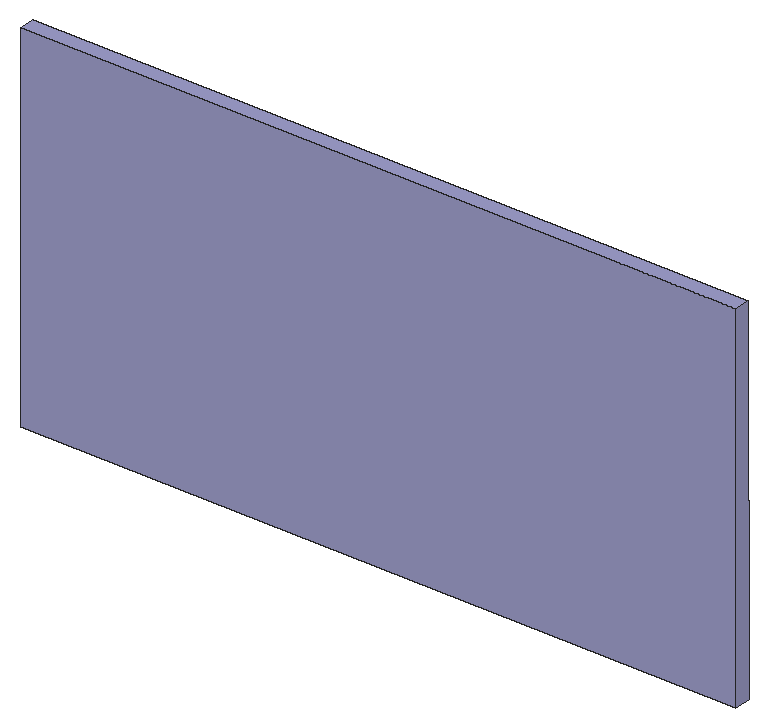
Revit family "EXP_WT-4_CPan-002", category Curtain Panels, Revit 2021
Family settings
  OmniClass Number = 23.25.20.14.11.11.17
  OmniClass Title = Infill Panels
  Always vertical = Yes
  Cut with Voids When Loaded = No
  Shared = No
Parameters
  UI-UnitNumber [instance] = "001"
  UI-Quadrant [instance] = "SE"
  UI-ProjectAbbreviation = "NEU"
  UI-ItemCategory = "PID"
  UI-FloorNumber [instance] = "03"
  PNT-WallType = "WT4"
  PNT-ProjectAbbreviation = "NEU"
  PNT-PanelType [instance] = "01"
  PNT-ItemCategory = "PNT"
  GlassSPH [instance] = 0' - 2 3/8"
  GlassH1 = IG-9F(Glass)
  Define Thermal Properties by = Schematic Type
  CellSp = 0' - 7 3/4"
  CellL [instance] = 8' - 10"
  CellH2 = 8' - 5 1/2"
  CellH1 [instance] = CellH - CellH2  # 4' - 5 1/2"
  CellH [instance] = 12' - 11"
  Analytic Construction = "<None>"
Reference planes (in)
  plane 1 "Center (Front/Back)": y = 0
  plane 2: z = 0
  plane 3 "Center (Left/Right)": x = 0
  plane 4 "Left": x = -53
  plane 5 "Right": x = 53
  plane 6 "Top": z = 155
  plane 7: z = 101.5
  plane 8: y = -7.75
Forms (in)
  Extrusion 1, solid, material "IG-9F(Glass)" <- "GlassH1", detail levels coarse+medium
    sketch origin (0, 0, 0) x (0, 1, 0) y (0, 0, 1)
      loop
        line (-7.75, 155) -> (-7.75, 101.5) -> (0, 101.5) -> (0, 155) -> (-7.75, 155)
    from -53 to 53
Text (in)
  text "Exterior" at (-92.59733, 55.75508, 0), in view "Ref. Level"
  text "Exterior" at (0, 90.18664, 173.49264), in view "Left"
  text "Exterior" at (0, 52.29083, 162.21847), in view "Right"
Dimensions and locks (in)
  equal spacing: plane 4 "Left", plane 3 "Center (Left/Right)", plane 5 "Right"  (x2)
  "CellH2": plane 2 to plane 7
  "CellH1": plane 7 to plane 6 "Top"
  Extrusion 1 sketch curve to Extrusion 1 sketch curve = 0' - 7 3/4"
  "CellL": plane 4 "Left" to plane 5 "Right"
  "CellH": plane 2 to plane 6 "Top"
  "CellSp": plane 8 to plane 1 "Center (Front/Back)"
  aligned and locked: level to plane 2
  aligned and locked: plane 6 "Top" to Extrusion 1 sketch curve
  aligned and locked: plane 8 to Extrusion 1 sketch curve
  aligned and locked: Extrusion 1 to plane 5 "Right"
  aligned and locked: plane 4 "Left" to Extrusion 1
  aligned and locked: Extrusion 1 to plane 1 "Center (Front/Back)"
  aligned and locked: plane 1 "Center (Front/Back)" to nested 1
  aligned and locked: nested 1 to plane 6 "Top"
  aligned and locked: plane 5 "Right" to nested 1
  aligned and locked: plane 1 "Center (Front/Back)" to nested 2
  aligned and locked: nested 2 to plane 6 "Top"
  aligned and locked: plane 7 to nested 2
  aligned and locked: plane 5 "Right" to nested 2
  aligned and locked: plane 4 "Left" to nested 2
Automatic sketch dimensions
  Extrusion 1 sketch curve to plane 7 = 0' - 0"
Nested families (in)
  nested 1: "EXP_xx_DetO-002" at (0, 0, 101.5), CellH <- "CellH1", CellL <- "CellL", type "EXP_xx_DetO-002", detail levels coarse
    with CellL 8' - 10", CellH 4' - 5 1/2"
  nested 2: "EXP_WT-1x_IG-011" at (0, 0, 128.25), MaterialGlass <- "GlassH1", GlassSP <- "GlassSPH", type "A = 0°", detail levels fine
    with MaterialGlass IG-9F(Glass), GlassSP 0' - 2 3/8", GlassL 8' - 9", GlassH 4' - 4 1/2", CellL 8' - 10", CellH 4' - 5 1/2"
Definition of nested family "EXP_WT-1x_IG-011"
  Parameters (values of type "A = 90°")
    MaterialGlass [instance] = none
    GlassSP [instance] = 0' - 2.12598"
    GlassL [instance] = CellL - (GlassD1 + GlassD3)  # 3' - 11.8189"
    GlassH [instance] = CellH - (GlassD2 + GlassD4)  # 6' - 7.58489"
    GlassD4 = 0' - 0 1/2"
    GlassD3 = 0' - 0 1/2"
    GlassD2 = 0' - 0 1/2"
    GlassD1 = 0' - 0 1/2"
    GMPI-ProjectAbbreviation = "NEU"
    GMPI-IteamCategory = "GLS"
    Default Elevation = 0' - 0"
    CellL [instance] = 4' - 0.8189"
    CellH [instance] = 6' - 8.58489"
  Types (2): name
    A = 90°
    A = 0°
  Reference planes (in)
    plane 1 "Center (Front/Back)": y = 0
    plane 2: z = 0
    plane 3 "Center (Left/Right)": x = 0
    plane 4: x = -24.40945
    plane 5: x = 24.40945
    plane 6: z = 40.29245
    plane 7: x = -23.90945
    plane 8: x = 23.90945
    plane 9: z = -40.29245
    plane 10: z = 39.79245
    plane 11: z = -39.79245
  Forms (in)
    Extrusion 1, solid, material <- "MaterialGlass"
      sketch origin (0, 0, 0) x (1, 0, 0) y (0, 0, 1)
        loop
          line (-23.90945, -39.79245) -> (23.90945, -39.79245) -> (23.90945, 39.79245) -> (-23.90945, 39.79245) -> (-23.90945, -39.79245)
      from 0 to 2.12598 <- "GlassSP"
  Dimensions and locks (in)
    equal spacing: plane 6, level, plane 9
    "CellH": plane 6 to plane 9
    "GlassD2": plane 6 to plane 10
    "GlassD4": plane 11 to plane 9
    equal spacing: plane 4, plane 3 "Center (Left/Right)", plane 5
    "CellL": plane 4 to plane 5
    "GlassD1": plane 4 to plane 7
    "GlassD3": plane 5 to plane 8
    aligned and locked: level to plane 2
    aligned and locked: Extrusion 1 sketch curve to plane 11
    aligned and locked: Extrusion 1 sketch curve to plane 7
    aligned and locked: plane 10 to Extrusion 1 sketch curve
    aligned and locked: plane 8 to Extrusion 1 sketch curve
Definition of nested family "EXP_xx_DetO-002"
  Parameters (values of type "EXP_xx_DetO-002")
    Default Elevation = 0' - 0"
    CellL [instance] = 5' - 4.56693"
    CellH [instance] = 5' - 2.99213"
  Reference planes (in)
    plane 1 "Center (Front/Back)": y = 0
    plane 2: z = 0
    plane 3 "Center (Left/Right)": x = 0
    plane 4: x = -32.28346
    plane 5: x = 32.28346
    plane 6: z = 62.99213
  Lines and regions (in)
    model lines
      curve 1: line (-32.28346, 0, 62.99213) -> (32.28346, 0, 0)
      curve 2: line (32.28346, 0, 62.99213) -> (-32.28346, 0, 0)
  Dimensions and locks (in)
    "CellH": plane 6 to level
    equal spacing: plane 4, plane 3 "Center (Left/Right)", plane 5
    "CellL": plane 4 to plane 5
    aligned and locked: level to plane 2
  Automatic sketch dimensions
    curve 2 to level = 0' - 0"
    plane 4 to curve 2 = 0' - 0"
    plane 4 to curve 1 = 0' - 0"
    plane 5 to curve 2 = 0' - 0"
    curve 1 to level = 0' - 0"
    plane 5 to curve 1 = 0' - 0"
    curve 2 to plane 6 = 0' - 0"
    curve 1 to plane 6 = 0' - 0"
